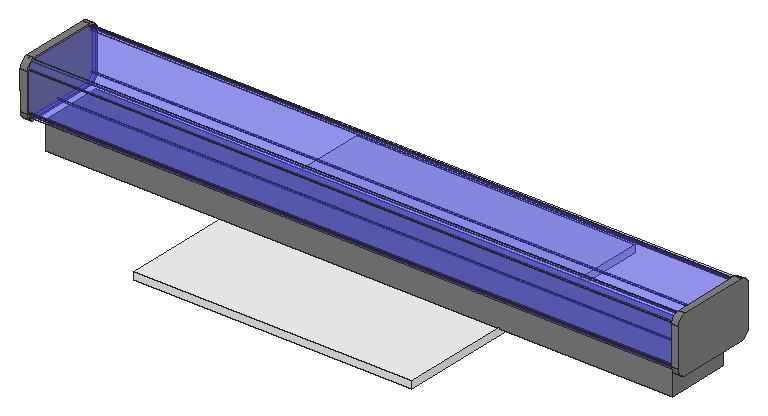
Revit family "BE_24116_de_DE", category Leuchten, Revit 2020
Family settings
  Basisbauteil = Fläche
  Bemaßung runder Anschluss = Durchmesser verwenden
  Teiletyp = Normal
  Beim Laden mit Abzugskörper schneiden = Ja
  Lichtquelle = Ja
  Gemeinsam genutzt = Nein
  Raumberechnungspunkt = Ja
Parameters (values of type "BEGA_24116_Grafit_K4")
  built-in parameter 1150104 = 19.788 (stored number, unit not read)
  Wattage = 22.4 W
  Default Elevation = 0 mm
  built-in parameter 1150113 = 1 (stored number, unit not read)
  built-in parameter 1114218 = 1 (stored number, unit not read)
  Umgebungstemperatur = "25 °C"
  URL = "https://www.bega.com/de/produkt/24116"
  Typenkommentare = "© 2022 BEGA. Wir behalten uns das Recht vor, technische Änderungen ohne vorherige Ankündigung vorzunehmen."  # constant formula
  Type Image = 24116.png
  built-in parameter 1150134 = 12
  built-in parameter 1150109 = 1 (stored number, unit not read)
  Strom = ""
  built-in parameter 1150110 = 1 (stored number, unit not read)
  Spannung = 239.996 V
  Sonderanfertigung = no
  Seriennummer [instance] = "Hier können Sie die eindeutige Seriennummer für das Facility Management eintragen."
  Schutzklasse = "I"
  Schutzart = "IP 65"
  Scheinlast = 0 VA
  Produktdatenblatt = "https://cdn.bega.com/bega/products/24116K3/current/documents/data-sheets/de"
  Oberflächentemperatur = ""
  Neigungswinkel = 0.00°
  Modell = "24116K4"
  Material_17 = BEGA_Reflektor
  Material_15 = BEGA_Leuchtmedium_matt
  Material_11 = BEGA_Glas_opal
  Material_09 = BEGA_Glas_klar
  Material_06 = BEGA_Oberfläche_Edelstahl_gebürstet
  Material_03 = BEGA_Oberfläche_Weiss_matt
  Material_02 = BEGA_Oberfläche_Silber_matt
  Material_01 [instance] = BEGA_Oberfläche_Grafit_matt
  M_W = no
  M_G = yes
  M_A = no
  Logo = 0
  built-in parameter 1114217 = 1 (stored number, unit not read)
  built-in parameter 1150139 = (empty or 0)
  built-in parameter 1150105 = 379.68 (stored number, unit not read)
  built-in parameter 1150114 = 1 (stored number, unit not read)
  Lumens = 4771.2 lm
  built-in parameter 1150115 = 1 (stored number, unit not read)
  Leuchtenlichtstrom = "3929 lm"
  Leuchtenanzahl = ""
  Lebensdauerkriterien = "L70B50 @ 25 °C = 200000 h"
  Lastklassifizierung = Beleuchtung
  built-in parameter 1150112 = 1 (stored number, unit not read)
  Lampenlichtstrom = "4770 lm"
  Lampe = "LED 22.4 W"
  LED_Modulbezeichnung = "4x LED-0894/840 + 2x LED-0900/840"
  Hersteller = "BEGA"  # constant formula
  Halbstreuwinkel = ""
  Gewicht = "6.0 kg"
  Gebrauchslageneinschränkung [instance] = ""
  Frequenz = "0/50-60 Hz"
  Farbwiedergabeindex = "CRI > 80"
  Farbtemperaturverschiebung bei Dämpfen der Lampe = <Keine Auswahl>
  Farbtemperatur = "4000 K"
  Color Filter = 16777215
  built-in parameter 1150133 = 10 (stored number, unit not read)
  Energieeffizienzklasse = "LED A++ - A"
  built-in parameter 1150137 = (empty or 0)
  built-in parameter 1150132 = (empty or 0)
  ENEC = "ja"
  Dimmbar [instance] = "DALI"
  Datei für fotometrisches Netz = "BE_24116K4.IES"
  CE_Konformität = "ja"
  Bestellnummer = "24116K4"
  Beschreibung_Sonderanfertigung = "Hier können Sie Informationen zur Sonderanfertigung eintragen."
  Beschreibung = "Decken- und Wandleuchte"
  built-in parameter 1150106 = 3.7968 (stored number, unit not read)
  Befestigungsbohrung = "Ø 7 mm"
  Befestigungsabstand = "600 mm"
  Ballwurfsicher = ""
  BEGA_Intern_aus = yes
  BEGA_Intern_an = yes
  BEGA_Intern_Konstruktion = yes
  BEGA_Intern = yes
  BEGA_IES = yes
  BEGA_Dummy = no
  Anschlussleitung = ""
  Anschlussleistung [instance] = "27 W"
  built-in parameter 1150107 = 4000 (stored number, unit not read)
  built-in parameter 1150102 = (empty or 0)
  built-in parameter 1150138 = (empty or 0)
  Aktualisierung = "2022-05-18T04:00:07"
  Abstand_zur_angestrahlten_Fläche [instance] = ""
  AC/DC = "AC/DC"
Types (2, lengths in mm): name | built-in parameter 1150104 | built-in parameter 1150134 | Modell | built-in parameter 1150105 | Lumens | Leuchtenlichtstrom | Lampenlichtstrom | LED_Modulbezeichnung | Farbtemperatur | Datei für fotometrisches Netz | Bestellnummer | built-in parameter 1150106 | built-in parameter 1150107
  BEGA_24116_Grafit_K3 | 19.24 (stored number, unit not read) | (empty or 0) | "24116K3" | 369.16 (stored number, unit not read) | 4639.04 lm | "3824 lm" | "4640 lm" | "4x LED-0894/830 + 2x LED-0900/830" | "3000 K" | "BE_24116K3.IES" | "24116K3" | 3.6916 (stored number, unit not read) | 3000 (stored number, unit not read)
  BEGA_24116_Grafit_K4 | 19.788 (stored number, unit not read) | 12 | "24116K4" | 379.68 (stored number, unit not read) | 4771.2 lm | "3929 lm" | "4770 lm" | "4x LED-0894/840 + 2x LED-0900/840" | "4000 K" | "BE_24116K4.IES" | "24116K4" | 3.7968 (stored number, unit not read) | 4000 (stored number, unit not read)
Reference planes
  plane 1 "Mitte (Vorne/Hinten)": y = 0
  plane 2: z = 0
  plane 3 "Mitte (Links/Rechts)": x = 0
  plane 4 "Links": x = -473.5
  plane 5 "Rechts": x = 473.5
  plane 6 "Unten": y = -62.5
  plane 7 "Oben": y = 62.5
  plane 8 "Vorne": z = 117.6
  plane 9 "Hinten": z = 0
Forms (mm)
  Extrusion 1, solid, material "BEGA_Platte_Weiss"
    sketch origin (0, -1119.2, 0) x (1, 0, 0) y (0, 1, 0)
      loop
        line (-200, 1319.2) -> (-200, 919.2) -> (200, 919.2) -> (200, 1319.2) -> (-200, 1319.2)
    from 0 to -10
  Extrusion 2, solid, material "BEGA_Dummy_matt", visible <- "BEGA_Dummy"
    sketch origin (80.095, -76.023, 0) x (1, 0, 0) y (0, 1, 0)
      loop
        line (-553.595, 138.523) -> (-553.595, 13.523) -> (393.405, 13.523) -> (393.405, 138.523) -> (-553.595, 138.523)
    from 0 to 117.6
Dimensions and locks
  plane 1 "Mitte (Vorne/Hinten)" to Extrusion 1 = 200 mm
  aligned and locked: plane 2 to Extrusion 1
  aligned and locked: level to Extrusion 1
  aligned and locked: nested 1 to plane 5 "Rechts"
  aligned and locked: plane 4 "Links" to nested 1
  aligned and locked: nested 1 to plane 8 "Vorne"
  aligned and locked: plane 9 "Hinten" to nested 1
  aligned and locked: Extrusion 2 to level
  aligned and locked: Extrusion 2 to plane 4 "Links"
  aligned and locked: plane 5 "Rechts" to Extrusion 2
  aligned and locked: Extrusion 2 to nested 1
  aligned and locked: plane 6 "Unten" to nested 1
  aligned and locked: plane 7 "Oben" to nested 1
  aligned and locked: plane 7 "Oben" to Extrusion 2
  aligned and locked: Extrusion 2 to plane 6 "Unten"
Nested families
  nested 1: "BE_24116" at (0, 0, 0), type "BE_24116"
Connectors
  electrical at (0, 0, 0), driven by "Lastklassifizierung", driven by "Spannung", driven by "Scheinlast"
    settings: index 1, voltage 239.996 V, apparent load 0 VA, apparent load phase1 0 VA, apparent load phase2 0 VA, apparent load phase3 0 VA, power factor 1, load classification "Beleuchtung", number of poles 1, system type 31, power factor state 1, is connector primary yes, connector utility no, sub classification motor no, connector description ""
Definition of nested family "BE_24116"
  Parameters (values of type "BE_24116")
    Default Elevation = 1 mm
    URL = "http://www.bega.de/de/produkt"
    Type Comments = "© 2015 BEGA. Wir behalten uns das Recht vor, technische Änderungen ohne vorherige Ankündigung vorzunehmen. "  # constant formula
    Type Image = (empty or 0)
    Neigungswinkel_um_Z2 = 0.00°
    Neigungswinkel_um_Z1 = 0.00°
    Neigungswinkel_um_Y2 = 0.00°
    Neigungswinkel_um_Y1 = 0.00°
    Neigungswinkel_um_X2 = 0.00°
    Neigungswinkel_um_X1 = 0.00°
    Material_17 = none
    Material_15 = none
    Material_11 = none
    Material_09 = none
    Material_06 = none
    Material_02 = none
    Material_01 = none
    M_W = yes
    M_G = yes
    M_A = yes
    Länge_Platte = 200 mm  # constant formula
    Höhe_Platte = -10 mm  # constant formula
    Manufacturer = "BEGA"  # constant formula
    Drehwinkel_um_Z2 = 0.00°
    Drehwinkel_um_Z1 = 0.00°
    Breite_Platte = 200 mm  # constant formula
  Reference planes
    plane 1 "Mitte (Oben/Unten)": y = 0
    plane 2: z = 0
    plane 3 "Mitte (Links/Rechts)": x = 0
    plane 4 "Hinten": z = -25
    plane 5 "Oben": y = 62.5
    plane 6 "Unten": y = -62.5
    plane 7: z = 117.6
    plane 8: x = 473.5
    plane 9: x = -473.5
  Forms (mm)
    Extrusion 1, solid, detail levels medium
      sketch origin (0, 0, 0) x (1, 0, 0) y (0, 1, 0)
        loop
          line (-100, 100) -> (-100, -100) -> (100, -100) -> (100, 100) -> (-100, 100)
      from 0 to -10 <- "Höhe_Platte"
    Extrusion 2, solid, material <- "Material_11"
      sketch origin (0, 0, 0) x (0, 1, 0) y (0, 0, 1)
        loop
          arc (57, 105.1) -> (54.929, 110.07) -> (49.942, 112.1) r 7
          line (49.942, 112.1) -> (-50, 112.1)
          arc (-50, 112.1) -> (-54.95, 110.05) -> (-57, 105.1) r 7
          line (-57, 105.1) -> (-57, 50.1)
          arc (-57, 50.1) -> (-54.95, 45.15) -> (-50, 43.1) r 7
          line (-50, 43.1) -> (-2.347, 43.1) -> (50, 43.1)
          arc (50, 43.1) -> (54.95, 45.179) -> (57, 50.129) r 7
          line (57, 50.129) -> (57, 105.1)
        loop
          arc (60, 105.1) -> (57.071, 112.171) -> (50, 115.1) r 10
          line (50, 115.1) -> (-50, 115.1)
          arc (-50, 115.1) -> (-57.071, 112.171) -> (-60, 105.1) r 10
          line (-60, 105.1) -> (-60, 50.1)
          arc (-60, 50.1) -> (-57.071, 43.029) -> (-50, 40.1) r 10
          line (-50, 40.1) -> (-1.474, 40.1) -> (50, 40.1)
          arc (50, 40.1) -> (57.071, 43.029) -> (60, 50.1) r 10
          line (60, 50.1) -> (60, 105.1)
      from -469.272 to 468.997
    Extrusion 3, solid, material <- "Material_01"
      sketch origin (0, 0, 0) x (0, 1, 0) y (0, 0, 1)
        loop
          line (45, 40) -> (41.347, 40) -> (-44.988, 40) -> (-45, 0) -> (45, 0) -> (45, 40)
        loop
          line (41, 37.5) -> (36, 37.5) -> (36, 35) -> (33.5, 35) -> (33.5, 32.5) -> (36, 30) -> (36, 27.5) -> (33.55, 27.5) -> (30.5, 30.55) -> (30.5, 37.5) -> (3.807, 37.5) -> (-30.5, 37.5) -> (-30.5, 30.55) -> (-33.55, 27.5) -> (-36, 27.5) -> (-36, 30) -> (-33.5, 32.5) -> (-33.5, 35) -> (-36, 35) -> (-36, 37.5) -> (-41, 37.5) -> (-41, 3) -> (4.481, 3) -> (41, 3) -> (41, 37.5)
      from -448.503 to 448.5
    Extrusion 4, solid, material <- "Material_01"
      sketch origin (0, 0, 0) x (0, 1, 0) y (0, 0, 1)
        loop
          line (45, 40) -> (-45, 40) -> (-45, 0) -> (45, 0) -> (45, 40)
      from 448.5 to 451.5
    Extrusion 5, solid, material <- "Material_01"
      sketch origin (-223.503, 0, 0) x (0, 1, 0) y (0, 0, -1)
        loop
          line (45, -40) -> (45, 0) -> (-45, 0) -> (-45, -40) -> (45, -40)
      from 225 to 228
    Extrusion 6, void
      sketch origin (0, 0, 0) x (1, 0, 0) y (0, 1, 0)
        loop
          line (305, 3.5) -> (295, 3.5)
          arc (295, 3.5) -> (291.5, 0) -> (295, -3.5) r 3.5
          line (295, -3.5) -> (305, -3.5)
          arc (305, -3.5) -> (308.5, 0) -> (305, 3.5) r 3.5
        loop
          arc (225, -27.5) -> (252.5, 0.02) -> (224.959, 27.5) r 27.5
          line (224.959, 27.5) -> (-224.986, 27.5)
          arc (-224.986, 27.5) -> (-252.486, 0) -> (-224.986, -27.5) r 27.5
          line (-224.986, -27.5) -> (225, -27.5)
        loop
          line (-296.5, -5) -> (-296.5, 5)
          arc (-296.5, 5) -> (-300, 8.5) -> (-303.5, 5) r 3.5
          line (-303.5, 5) -> (-303.5, -5)
          arc (-303.5, -5) -> (-300, -8.5) -> (-296.5, -5) r 3.5
      from 0 to 9.215
    Extrusion 7, solid, material <- "Material_01"
      sketch origin (-223.503, 0, 0) x (0, 1, 0) y (0, 0, 1)
        loop
          arc (62.5, 105.108) -> (58.842, 113.942) -> (50.008, 117.6) r 12.489
          line (50.008, 117.6) -> (-50.008, 117.6)
          arc (-50.008, 117.6) -> (-58.842, 113.942) -> (-62.5, 105.108) r 12.489
          line (-62.5, 105.108) -> (-62.5, 50.092)
          arc (-62.5, 50.092) -> (-58.842, 41.258) -> (-50.008, 37.6) r 12.489
          line (-50.008, 37.6) -> (0.132, 37.6) -> (50.008, 37.6)
          arc (50.008, 37.6) -> (58.842, 41.258) -> (62.5, 50.092) r 12.489
          line (62.5, 50.092) -> (62.5, 105.108)
      from -249.997 to -239.903
    Extrusion 8, void
      sketch origin (0, 0, 0) x (0, 1, 0) y (0, 0, 1)
        loop
          line (49.996, 115.89) -> (-49.996, 115.89)
          arc (-49.996, 115.89) -> (-57.629, 112.729) -> (-60.789, 105.096) r 10.79
          line (-60.789, 105.096) -> (-60.79, 50.104)
          arc (-60.79, 50.104) -> (-57.629, 42.471) -> (-49.996, 39.31) r 10.79
          line (-49.996, 39.31) -> (0.836, 39.31) -> (49.996, 39.31)
          arc (49.996, 39.31) -> (57.629, 42.471) -> (60.79, 50.104) r 10.79
          line (60.79, 50.104) -> (60.79, 105.096)
          arc (60.79, 105.096) -> (57.629, 112.729) -> (49.996, 115.89) r 10.79
      from -469.272 to -458
    Extrusion 9, solid, material <- "Material_01"
      sketch origin (-0.057, 0, 0.011) x (0, 1, 0) y (0, 0, -1)
        loop
          line (62.5, -105.108) -> (62.5, -50.092)
          arc (62.5, -50.092) -> (58.842, -41.258) -> (50.008, -37.6) r 12.489
          line (50.008, -37.6) -> (0.132, -37.6) -> (-50.008, -37.6)
          arc (-50.008, -37.6) -> (-58.842, -41.258) -> (-62.5, -50.092) r 12.489
          line (-62.5, -50.092) -> (-62.5, -105.108)
          arc (-62.5, -105.108) -> (-58.842, -113.942) -> (-50.008, -117.6) r 12.489
          line (-50.008, -117.6) -> (50.008, -117.6)
          arc (50.008, -117.6) -> (58.842, -113.942) -> (62.5, -105.108) r 12.489
      from -473.557 to -463.557
    Extrusion 10, void
      sketch origin (0, 0, 0) x (0, 1, 0) y (0, 0, -1)
        loop
          arc (49.996, -115.89) -> (57.629, -112.729) -> (60.79, -105.096) r 10.79
          line (60.79, -105.096) -> (60.79, -50.104)
          arc (60.79, -50.104) -> (57.629, -42.471) -> (49.996, -39.31) r 10.79
          line (49.996, -39.31) -> (0.836, -39.31) -> (-49.996, -39.31)
          arc (-49.996, -39.31) -> (-57.629, -42.471) -> (-60.79, -50.104) r 10.79
          line (-60.79, -50.104) -> (-60.789, -105.096)
          arc (-60.789, -105.096) -> (-57.629, -112.729) -> (-49.996, -115.89) r 10.79
          line (-49.996, -115.89) -> (49.996, -115.89)
      from -468.997 to -453.5
  Cuts and joins
    Extrusion 6, Extrusion 8 cuts Extrusion 3
    Extrusion 6, Extrusion 8 cuts Extrusion 4
    Extrusion 6, Extrusion 8 cuts Extrusion 5
    joined: Extrusion 3, Extrusion 4, Extrusion 5
    Extrusion 6 cuts Extrusion 2
    Extrusion 8 cuts Extrusion 7
    Extrusion 10 cuts Extrusion 9
  Dimensions and locks
    equal spacing: Extrusion 1 sketch curve, plane 3 "Mitte (Links/Rechts)", Extrusion 1 sketch curve
    equal spacing: Extrusion 1 sketch curve, plane 1 "Mitte (Oben/Unten)", Extrusion 1 sketch curve
    "Länge_Platte": Extrusion 1 sketch curve to Extrusion 1 sketch curve
    "Breite_Platte": Extrusion 1 sketch curve to Extrusion 1 sketch curve
    plane 8 to cut or joined group of Extrusion 2, Extrusion 6 = 4.503 mm
    aligned and locked: plane 2 to Extrusion 1
    aligned and locked: level to Extrusion 1
  Automatic sketch dimensions
    Extrusion 2 sketch curve to Extrusion 2 sketch curve = 0 mm  (x15)
    plane 1 "Mitte (Oben/Unten)" to Extrusion 2 sketch curve = 60 mm
    Extrusion 2 sketch curve to Extrusion 2 sketch curve = 3 mm  (x4)
    Extrusion 2 sketch curve to Extrusion 2 sketch curve = 7 mm  (x3)
    Extrusion 2 sketch curve to Extrusion 2 sketch curve = 10 mm
    plane 1 "Mitte (Oben/Unten)" to Extrusion 2 sketch curve = 1.474 mm
    Extrusion 2 sketch curve to plane 1 "Mitte (Oben/Unten)" = 49.942 mm
    Extrusion 2 sketch curve to plane 1 "Mitte (Oben/Unten)" = 50 mm
    Extrusion 2 sketch curve to Extrusion 2 sketch curve = 0.058 mm
    level to Extrusion 2 sketch curve = 40.1 mm
    Extrusion 2 sketch curve to Extrusion 2 sketch curve = 0.029 mm  (x2)
    Extrusion 2 sketch curve to Extrusion 2 sketch curve = 54.971 mm
    Extrusion 2 sketch curve to Extrusion 2 sketch curve = 55 mm
    plane 1 "Mitte (Oben/Unten)" to Extrusion 2 sketch curve = 2.347 mm
    Extrusion 3 sketch curve to level = 0 mm
    plane 1 "Mitte (Oben/Unten)" to Extrusion 3 sketch curve = 45 mm
    Extrusion 3 sketch curve to Extrusion 3 sketch curve = 0.013 mm
    Extrusion 3 sketch curve to Extrusion 3 sketch curve = 4 mm  (x2)
    Extrusion 3 sketch curve to Extrusion 3 sketch curve = 5 mm  (x2)
    Extrusion 3 sketch curve to Extrusion 3 sketch curve = 0 mm
    Extrusion 3 sketch curve to Extrusion 3 sketch curve = 2.45 mm  (x2)
    Extrusion 3 sketch curve to Extrusion 3 sketch curve = 2.5 mm  (x12)
    Extrusion 3 sketch curve to Extrusion 3 sketch curve = 3 mm  (x2)
    Extrusion 3 sketch curve to plane 1 "Mitte (Oben/Unten)" = 3.807 mm
    Extrusion 3 sketch curve to plane 1 "Mitte (Oben/Unten)" = 4.481 mm
    Extrusion 3 sketch curve to Extrusion 3 sketch curve = 26.693 mm
    Extrusion 3 sketch curve to Extrusion 3 sketch curve = 3.05 mm  (x3)
    Extrusion 3 sketch curve to Extrusion 3 sketch curve = 0.347 mm
    Extrusion 3 sketch curve to Extrusion 3 sketch curve = 3.653 mm
    level to Extrusion 3 sketch curve = 3 mm
    Extrusion 3 sketch curve to Extrusion 3 sketch curve = 24.5 mm  (x2)
    Extrusion 4 sketch curve to level = 0 mm
    plane 1 "Mitte (Oben/Unten)" to Extrusion 4 sketch curve = 45 mm
    Extrusion 4 sketch curve to plane 1 "Mitte (Oben/Unten)" = 45 mm
    Extrusion 4 sketch curve to Extrusion 4 sketch curve = 40 mm
    Extrusion 5 sketch curve to level = 0 mm
    plane 1 "Mitte (Oben/Unten)" to Extrusion 5 sketch curve = 45 mm
    Extrusion 5 sketch curve to plane 1 "Mitte (Oben/Unten)" = 45 mm
    Extrusion 5 sketch curve to Extrusion 5 sketch curve = 40 mm
    plane 1 "Mitte (Oben/Unten)" to Extrusion 7 sketch curve = 50.011 mm  (x2)
    Extrusion 7 sketch curve to plane 1 "Mitte (Oben/Unten)" = 0.132 mm
    Extrusion 7 sketch curve to plane 1 "Mitte (Oben/Unten)" = 50.011 mm  (x2)
    level to Extrusion 7 sketch curve = 37.6 mm
    Extrusion 7 sketch curve to Extrusion 7 sketch curve = 12.489 mm  (x6)
    Extrusion 7 sketch curve to Extrusion 7 sketch curve = 55.022 mm  (x2)
    Extrusion 7 sketch curve to Extrusion 7 sketch curve = 0 mm  (x13)
    Extrusion 7 sketch curve to Extrusion 7 sketch curve = 0.003 mm  (x6)
    plane 1 "Mitte (Oben/Unten)" to Extrusion 8 sketch curve = 49.999 mm  (x2)
    Extrusion 8 sketch curve to plane 1 "Mitte (Oben/Unten)" = 0.836 mm
    Extrusion 8 sketch curve to plane 1 "Mitte (Oben/Unten)" = 49.999 mm  (x2)
    level to Extrusion 8 sketch curve = 39.31 mm
    Extrusion 8 sketch curve to Extrusion 8 sketch curve = 10.79 mm  (x6)
    Extrusion 8 sketch curve to Extrusion 8 sketch curve = 54.999 mm  (x2)
    Extrusion 8 sketch curve to Extrusion 8 sketch curve = 0 mm  (x13)
    Extrusion 8 sketch curve to Extrusion 8 sketch curve = 0.003 mm  (x6)
    plane 1 "Mitte (Oben/Unten)" to Extrusion 9 sketch curve = 50.011 mm  (x2)
    Extrusion 9 sketch curve to plane 1 "Mitte (Oben/Unten)" = 0.132 mm
    Extrusion 9 sketch curve to plane 1 "Mitte (Oben/Unten)" = 50.011 mm  (x2)
    level to Extrusion 9 sketch curve = 50.1 mm  (x2)
    level to Extrusion 9 sketch curve = 37.611 mm
    Extrusion 9 sketch curve to Extrusion 9 sketch curve = 12.489 mm  (x6)
    Extrusion 9 sketch curve to Extrusion 9 sketch curve = 0 mm  (x11)
    Extrusion 9 sketch curve to Extrusion 9 sketch curve = 0.003 mm  (x6)
    plane 1 "Mitte (Oben/Unten)" to Extrusion 10 sketch curve = 49.999 mm  (x2)
    Extrusion 10 sketch curve to plane 1 "Mitte (Oben/Unten)" = 0.836 mm
    Extrusion 10 sketch curve to plane 1 "Mitte (Oben/Unten)" = 49.999 mm  (x2)
    level to Extrusion 10 sketch curve = 50.101 mm  (x2)
    level to Extrusion 10 sketch curve = 39.31 mm
    Extrusion 10 sketch curve to Extrusion 10 sketch curve = 10.79 mm  (x7)
    Extrusion 10 sketch curve to Extrusion 10 sketch curve = 0 mm  (x11)
    Extrusion 10 sketch curve to Extrusion 10 sketch curve = 0.003 mm  (x6)
    Extrusion 9 sketch curve to Extrusion 9 sketch curve = 55.022 mm  (x2)
    Extrusion 10 sketch curve to Extrusion 10 sketch curve = 54.999 mm
    plane 1 "Mitte (Oben/Unten)" to Extrusion 6 sketch curve = 0 mm
    Extrusion 6 sketch curve to Extrusion 6 sketch curve = 3.5 mm  (x2)
    Extrusion 6 sketch curve to Extrusion 6 sketch curve = 10 mm
    Extrusion 6 sketch curve to plane 1 "Mitte (Oben/Unten)" = 0 mm
    Extrusion 6 sketch curve to Extrusion 6 sketch curve = 27.5 mm
    Extrusion 6 sketch curve to plane 1 "Mitte (Oben/Unten)" = 5 mm
    plane 1 "Mitte (Oben/Unten)" to Extrusion 6 sketch curve = 5 mm
    plane 3 "Mitte (Links/Rechts)" to Extrusion 6 sketch curve = 224.959 mm
    Extrusion 6 sketch curve to Extrusion 6 sketch curve = 0.041 mm
    Extrusion 6 sketch curve to Extrusion 6 sketch curve = 70 mm
    Extrusion 6 sketch curve to plane 3 "Mitte (Links/Rechts)" = 224.986 mm
    Extrusion 6 sketch curve to Extrusion 6 sketch curve = 71.514 mm
